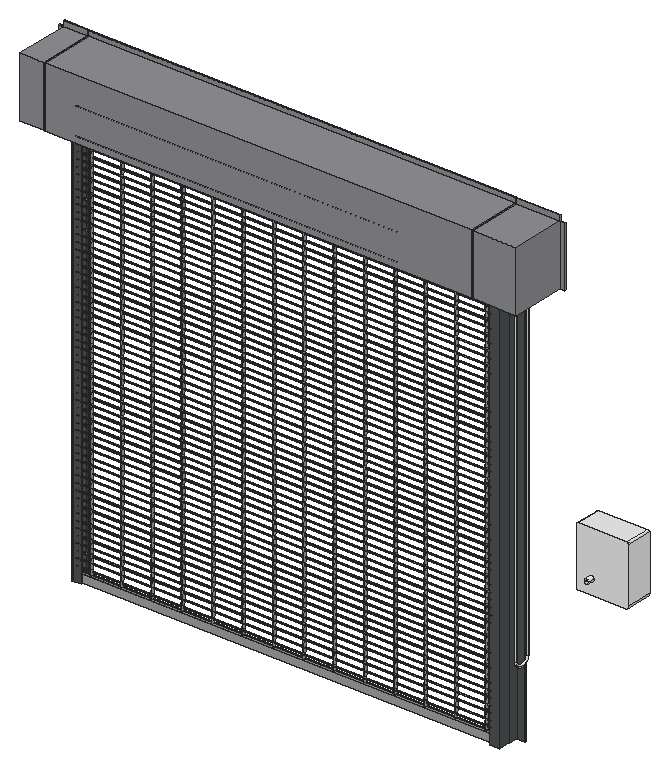
Revit family "Doors_Industrial_Overhead-Door-Corporation_RapidGrille-AP-Security-Grille-676_", category Specialty Equipment, host Wall, Revit 2019
Family settings
  Host = Wall
  Round Connector Dimension = Use Diameter
  Part Type = Normal
  OmniClass Number = 23.30.10.21.34
  OmniClass Title = Industrial Doors
  Always vertical = Yes
  Cut with Voids When Loaded = Yes
  Shared = No
  Room Calculation Point = No
Parameters (values of type "208 volts, one phase, 60 Hz (208-240V range)")
  Warning Sign [instance] = if(Calculated Area > 683.00 SF, 1 = 1, 1 = 2)  # no
  Warning (Note) [instance] = if(Warning Sign, "The Door Area is out of the limit; please adjust accordingly. The maximum allowed area is 683 sq. ft.", if(Opening Height > 360", "Headroom Clearance Dimensions - out of the limits. Consult Factory", " "))  # " "
  Wall Thickness [instance] = 6"
  Voltage = 208 V
  True Opening Width [instance] = Clear Width  # 120"
  True Opening Height [instance] = Clear Height  # 120"
  Curtain Option [instance] = 1
  Slat Length [instance] = Clear Width + G Value * 2 - 1" / 2 * 2  # 126"
  Slat Height [instance] = 8"  # constant formula
  Curtain Option Real [instance] = if(Curtain Option < 2, 1, 2)  # 1
  Product Page URL = "https://www.overheaddoor.com/security-grilles-advanced-676"
  Power Factor = 1
  Powder Coat (Note) = "PowderGuard® Premium powder coat finish options are available in approximately 200 colors as well as custom matching to specification. PowderGuard® Textured finish, a thicker, more scratch resistant coat, is available in 11 colors providing enhanced scratch resistance as well as aiding in hiding the dirt and blemishes that often occur in commercial environments.​"  # constant formula
  Opening Width Real [instance] = if(Opening Width > Max Opening Width, Max Opening Width, if(Opening Width < Min Opening Width, Min Opening Width, Opening Width))  # 120"
  Opening Width [instance] = 120"
  Opening Height Real [instance] = if(Opening Height > Max Opening Height, Max Opening Height, if(Opening Height < Min Opening Height, Min Opening Height, Opening Height))  # 120"
  Opening Height [instance] = 120"
  One Array element [instance] = not(Array Vis)  # no
  Number of Poles = 1
  Motor Position [instance] = M Value - G Value  # 2 3/4"
  Min Opening Width [instance] = 18"  # constant formula
  Min Opening Height [instance] = 24"  # constant formula
  Max Opening Width [instance] = 360"  # constant formula
  Max Opening Height [instance] = 172"  # constant formula
  M Value [instance] = if(or(Opening Width < 108", Opening Width = 108"), 5 3/4", if(or(Opening Width < 180", Opening Width = 180"), 6 1/4", if(or(Opening Width < 240", Opening Width = 240"), 7 1/4", 9 1/4")))  # 6 1/4"
  Installation Real [instance] = Wall Thickness  # 6"
  Hood Type [instance] = "Square Hood"  # constant formula
  Hood Offset [instance] = 4"  # constant formula
  Hood Material [instance] = Metal - Overhead Door - Gray
  Hood Height [instance] = A Value + 2"  # 18"
  Headroom Height Real [instance] = Hood Offset + Hood Height  # 22"
  Headroom Height [instance] = Headroom Height Real + 1 1/2"  # 23 1/2"
  Guide Type [instance] = "Angled Z Guide"  # constant formula
  Guid Depth [instance] = D Value  # 6 1/4"
  G Value [instance] = if(or(Opening Width < 108", Opening Width = 108"), 3", if(or(Opening Width < 180", Opening Width = 180"), 3 1/2", if(or(Opening Width < 240", Opening Width = 240"), 4", 5 9/16")))  # 3 1/2"
  Frequency = 60 Hz
  Face of Wall Offset [instance] = 5"  # constant formula
  Door Width True [instance] = Clear Width + M Value * 2  # 132 1/2"
  Door Width (Real) [instance] = Clear Width + 1"  # 121"
  Door Height True [instance] = Clear Width + Headroom Height  # 143 1/2"
  Door Height (Real) [instance] = Clear Height + Hood Offset  # 124"
  URL = "https://www.overheaddoor.com/"
  Product data url = "https://www.bimobject.com/overhead-door/product/security-grilles-advanced-676"
  Product Guid = "a33dfc4d-fc3d-42de-912b-54ce0f982c7d"
  Model = "676"  # constant formula
  Manufacturer = "Overhead Door Corporation"  # constant formula
  Wall Closure = By host
  Floor To (CL) of Shaft [instance] = Clear Height + Hood Height / 2 + Hood Offset  # 133"
  Finish Material = Finish - Overhead Door - Black
  Description = "RapidGrille AP Model 676 Upward-Coiling Security Grille"  # constant formula
  D Value [instance] = if(or(Opening Width < 108", Opening Width = 108"), 5 11/16", if(or(Opening Width < 180", Opening Width = 180"), 6 1/4", if(or(Opening Width < 240", Opening Width = 240"), 6 3/16", 7 1/16")))  # 6 1/4"
  Curtain Type [instance] = if(Curtain Option < 2, "Lattice", "Brick")  # "Lattice"
  Curtain Material Type [instance] = 676 : Aluminum
  Curtain Material 1 [instance] = 676 : Aluminum
  Clear Width [instance] = Opening Width Real  # 120"
  Clear Height [instance] = Opening Height Real  # 120"
  Current = 20 A
  Bottom Bar Selection [instance] = if(Curtain Material Type = Curtain Material 1, 1, 2)  # 1
  Backroom Depth [instance] = A Value + 1/2"  # 16 1/2"
  BJ Displacement Real [instance] = 0"  # constant formula
  Array Vis [instance] = if(Array < 2, 1 = 2, 1 = 1)  # yes
  Array Real [instance] = if(Array < 2, 2, Array)  # 16
  Array Length [instance] = (Array) * Slat Height  # 128"
  Array [instance] = rounddown(([Door Height (Real)] - 3") / Slat Height) + 1  # 16
  Calculated Area [instance] = [Door Width (Real)] * [Door Height (Real)]  # 104.194 SF
  Apparent Load Phase 3 = if(Number of Poles = 1, 0 VA, (Voltage * Current * sqrt(3)) / 3)  # 0 VA
  Apparent Load Phase 2 = if(Number of Poles = 1, 0 VA, (Voltage * Current * sqrt(3)) / 3)  # 0 VA
  Apparent Load Phase 1 = if(Number of Poles = 1, Voltage * Current, (Voltage * Current * sqrt(3)) / 3)  # 4160 VA
  A Value [instance] = if(or(Clear Height < 72", Clear Height = 72"), 14", if(or(Clear Height < 120", Clear Height = 120"), 16", 18"))  # 16"
Types (6): name | Voltage | Number of Poles | Apparent Load Phase 3 | Apparent Load Phase 2 | Apparent Load Phase 1
  208 volts, one phase, 60 Hz (208-240V range) | 208 V | 1 | 0 VA | 0 VA | 4160 VA
  220 volts, one phase, 60 Hz (220-240V range) | 220 V | 1 | 0 VA | 0 VA | 4400 VA
  208 volts, three phase, 60 Hz (208-240V range) | 208 V | 3 | 2401.78 VA | 2401.78 VA | 2401.78 VA
  230 volts, three phase, 60 Hz (220-240V range) | 230 V | 3 | 2655.81 VA | 2655.81 VA | 2655.81 VA
  460 volts, three phase, 60 Hz (440-480 V range) | 460 V | 3 | 5311.62 VA | 5311.62 VA | 5311.62 VA
  575 volts, three phase, 60 Hz | 575 V | 3 | 6639.53 VA | 6639.53 VA | 6639.53 VA
Reference planes (in)
  plane 1 "Center (Front/Back)": y = -14.625
  plane 2 "Center (Left/Right)": x = 0
  plane 3 "Left": x = -60
  plane 4 "Right": x = 60
  plane 5 "Exterior": y = -8.625
  plane 6 "Interior": y = -14.625
  plane 7: x = 66.25
  plane 8: x = -66.25
  plane 9: z = 120
  plane 10 "Main": y = -20.125
  plane 11 "Backroom Depth": y = -32.125
  plane 12 "Main Door Block": y = -15.625
  plane 13 "Bottom Bar": z = 2.75
  plane 14: y = -20.875
  plane 15: z = 130.75
  plane 16: z = 142
  plane 17: z = 124
  plane 18: z = 143.5
  plane 19: z = 0
  plane 20: z = 60
  plane 21: y = -20.03125
  plane 22: y = 18.375
  plane 23: y = -41.625
  plane 24 "Headroom Top": z = 143.5
  plane 25: z = 133
  plane 26: x = 63.5
  plane 27: x = -63.5
  plane 28: z = 122.75
  plane 29: z = 2.75
  plane 30: y = -20.125
  plane 31: z = 122.75
  plane 32: y = -20.125
  plane 33: z = 10.75
  plane 34: y = -20.125
  plane 35: z = 18.75
  plane 36: y = -20.125
  plane 37: z = 26.75
  plane 38: y = -20.125
  plane 39: z = 34.75
  plane 40: y = -20.125
  plane 41: z = 42.75
  plane 42: y = -20.125
  plane 43: z = 50.75
  plane 44: y = -20.125
  plane 45: z = 58.75
  plane 46: y = -20.125
  plane 47: z = 66.75
  plane 48: y = -20.125
  plane 49: z = 74.75
  plane 50: y = -20.125
  plane 51: z = 82.75
  plane 52: y = -20.125
  plane 53: z = 90.75
  plane 54: y = -20.125
  plane 55: z = 98.75
  plane 56: y = -20.125
  plane 57: z = 106.75
  plane 58: y = -20.125
  plane 59: z = 114.75
  plane 60: y = -20.125
Forms (in)
  Extrusion 1, void
    sketch origin (0, -15.625, 0) x (0, 0, -1) y (-1, 0, 0)
      loop
        line (-120, 60) -> (-120, -60) -> (0, -60) -> (0, 60) -> (-120, 60)
    from 1 to 7
Text (in)
  text "Exterior" at (-74.96733, 27.31104, 0), in view "Ref. Level"
  text "Interior" at (-74.96733, -25.14366, 0), in view "Ref. Level"
  text "Exterior" at (0, 40.15149, 123.01588), in view "Right"
  text "Interior" at (0, -64.39139, 123.01588), in view "Right"
  text "Interior" at (0, -31.01599, 123.00693), in view "Left"
  text "Exterior" at (0, 54.57065, 123.00693), in view "Left"
Dimensions and locks (in)
  equal spacing: plane 3 "Left", plane 2 "Center (Left/Right)", plane 4 "Right"
  "Clear Width": plane 3 "Left" to plane 4 "Right"
  level to host wall = 459.59655"
  "Clear Height": level to plane 9
  plane 7 to plane 8 = 132 1/2"
  equal spacing: plane 7, plane 2 "Center (Left/Right)", plane 8
  locked: plane 13 "Bottom Bar" to level at 2.75
  "Door Width True": plane 7 to plane 8
  "Array Length": plane 15 to plane 13 "Bottom Bar"
  "Backroom Depth": plane 11 "Backroom Depth" to plane 12 "Main Door Block"
  "Hood Height": plane 16 to plane 17
  locked: plane 18 to plane 16 at 1.5
  "Installation Real": plane 1 "Center (Front/Back)" to plane 5 "Exterior"
  "Wall Thickness": host wall to host wall
  equal spacing: plane 9, plane 20, plane 19
  equal spacing: plane 22, host wall, plane 23
  locked: plane 22 to plane 23 at 60
  "Hood Offset": plane 17 to plane 9
  "Headroom Height": plane 24 "Headroom Top" to plane 9
  "Floor To (CL) of Shaft": plane 25 to level
  "Motor Position": plane 7 to plane 26
  "Motor Position": plane 27 to plane 8
  "Guid Depth": plane 14 to plane 1 "Center (Front/Back)"
  "Slat Height": plane 15 to plane 28
  equal spacing: group 2, group 16, group 15, group 14, group 13, group 12, group 11, group 10, group 9, group 8, group 7, group 6, group 5, group 4, group 3, group 1  (x2)
  equal spacing: group 1, group 3, group 4, group 5, group 6, group 7, group 8, group 9, group 10, group 11, group 12, group 13, group 14, group 15, group 16, group 2
  locked: plane 14 to plane 10 "Main" at 0.75
  locked: plane 14 to plane 21 at 0.84375
  aligned and locked: plane 5 "Exterior" to host wall
  aligned and locked: host wall to plane 6 "Interior"
  aligned and locked: level to Extrusion 1 sketch curve
  aligned and locked: Extrusion 1 to plane 5 "Exterior"
  aligned and locked: plane 6 "Interior" to Extrusion 1
  aligned and locked: nested 1 to plane 2 "Center (Left/Right)"
  aligned and locked: nested 1 to level
  aligned and locked: level to plane 19
  aligned and locked: nested 1 to plane 1 "Center (Front/Back)"
  aligned and locked: plane 2 "Center (Left/Right)" to nested 2
  aligned and locked: nested 2 to plane 22
  aligned and locked: plane 23 to nested 3
  aligned and locked: nested 3 to plane 2 "Center (Left/Right)"
  aligned and locked: nested 4 to plane 20
  aligned and locked: plane 2 "Center (Left/Right)" to nested 4
  aligned and locked: nested 4 to plane 21
  aligned and locked: plane 4 "Right" to Extrusion 1 sketch curve
  aligned and locked: plane 3 "Left" to Extrusion 1 sketch curve
  aligned and locked: Extrusion 1 sketch curve to plane 9
  aligned and locked: plane 13 "Bottom Bar" to plane 29
  aligned and locked: plane 30 to plane 10 "Main"
  aligned and locked: plane 32 to plane 10 "Main"
  aligned and locked: plane 28 to plane 31
Nested families (in)
  nested 1: "Lifts" at (0, -14.625, 0), type "Frame Unit"
    with Square Hood yes, Round Hood no, Right Motor Position yes, Octagon Hood no, No Hood no
  nested 2: "Label Annotation 1" at (0, 18.375, 0), visible <- "Warning Sign", type "Label Annotation 1"
  nested 3: "Label Annotation 1" at (0, -41.625, 0) x (-1, 0, 0) z (0, 0, 1), visible <- "Warning Sign", type "Label Annotation 1"
  nested 4: "Warning Sign" at (0, -20.03125, 60), visible <- "Warning Sign", type "Warning Sign"
    with Warning Sign no
  nested 5: "676" at (0, -20.125, 2.75), type <- "Curtain Material Type", Opening Width <- "Slat Length", Slat Option <- "Curtain Option Real", type "Aluminum"
    with Step H 9", Slat Option 1, SetBack 2", Second Rod Position 1.38", Overall Height 8.38", Opening Width 126", Lattice yes, First Rod Position 1", Brick End yes, Brick no, Array Visibility yes, Array Real 13, Array Length 117.16", Array 13, 1 Element Visibility no
  nested 6: "676" at (0, -20.125, 122.75), type <- "Curtain Material Type", Opening Width <- "Slat Length", Slat Option <- "Curtain Option Real", type "Aluminum"
    with Step H 9", Slat Option 1, SetBack 2", Second Rod Position 1.38", Overall Height 8.38", Opening Width 126", Lattice yes, First Rod Position 1", Brick End yes, Brick no, Array Visibility yes, Array Real 13, Array Length 117.16", Array 13, 1 Element Visibility no
  nested 7: "676" at (0, -20.125, 10.75), type <- "Curtain Material Type", Opening Width <- "Slat Length", Slat Option <- "Curtain Option Real", type "Aluminum"
    with Step H 9", Slat Option 1, SetBack 2", Second Rod Position 1.38", Overall Height 8.38", Opening Width 126", Lattice yes, First Rod Position 1", Brick End yes, Brick no, Array Visibility yes, Array Real 13, Array Length 117.16", Array 13, 1 Element Visibility no
  nested 8: "676" at (0, -20.125, 18.75), type <- "Curtain Material Type", Opening Width <- "Slat Length", Slat Option <- "Curtain Option Real", type "Aluminum"
    with Step H 9", Slat Option 1, SetBack 2", Second Rod Position 1.38", Overall Height 8.38", Opening Width 126", Lattice yes, First Rod Position 1", Brick End yes, Brick no, Array Visibility yes, Array Real 13, Array Length 117.16", Array 13, 1 Element Visibility no
  nested 9: "676" at (0, -20.125, 26.75), type <- "Curtain Material Type", Opening Width <- "Slat Length", Slat Option <- "Curtain Option Real", type "Aluminum"
    with Step H 9", Slat Option 1, SetBack 2", Second Rod Position 1.38", Overall Height 8.38", Opening Width 126", Lattice yes, First Rod Position 1", Brick End yes, Brick no, Array Visibility yes, Array Real 13, Array Length 117.16", Array 13, 1 Element Visibility no
  nested 10: "676" at (0, -20.125, 34.75), type <- "Curtain Material Type", Opening Width <- "Slat Length", Slat Option <- "Curtain Option Real", type "Aluminum"
    with Step H 9", Slat Option 1, SetBack 2", Second Rod Position 1.38", Overall Height 8.38", Opening Width 126", Lattice yes, First Rod Position 1", Brick End yes, Brick no, Array Visibility yes, Array Real 13, Array Length 117.16", Array 13, 1 Element Visibility no
  nested 11: "676" at (0, -20.125, 42.75), type <- "Curtain Material Type", Opening Width <- "Slat Length", Slat Option <- "Curtain Option Real", type "Aluminum"
    with Step H 9", Slat Option 1, SetBack 2", Second Rod Position 1.38", Overall Height 8.38", Opening Width 126", Lattice yes, First Rod Position 1", Brick End yes, Brick no, Array Visibility yes, Array Real 13, Array Length 117.16", Array 13, 1 Element Visibility no
  nested 12: "676" at (0, -20.125, 50.75), type <- "Curtain Material Type", Opening Width <- "Slat Length", Slat Option <- "Curtain Option Real", type "Aluminum"
    with Step H 9", Slat Option 1, SetBack 2", Second Rod Position 1.38", Overall Height 8.38", Opening Width 126", Lattice yes, First Rod Position 1", Brick End yes, Brick no, Array Visibility yes, Array Real 13, Array Length 117.16", Array 13, 1 Element Visibility no
  nested 13: "676" at (0, -20.125, 58.75), type <- "Curtain Material Type", Opening Width <- "Slat Length", Slat Option <- "Curtain Option Real", type "Aluminum"
    with Step H 9", Slat Option 1, SetBack 2", Second Rod Position 1.38", Overall Height 8.38", Opening Width 126", Lattice yes, First Rod Position 1", Brick End yes, Brick no, Array Visibility yes, Array Real 13, Array Length 117.16", Array 13, 1 Element Visibility no
  nested 14: "676" at (0, -20.125, 66.75), type <- "Curtain Material Type", Opening Width <- "Slat Length", Slat Option <- "Curtain Option Real", type "Aluminum"
    with Step H 9", Slat Option 1, SetBack 2", Second Rod Position 1.38", Overall Height 8.38", Opening Width 126", Lattice yes, First Rod Position 1", Brick End yes, Brick no, Array Visibility yes, Array Real 13, Array Length 117.16", Array 13, 1 Element Visibility no
  nested 15: "676" at (0, -20.125, 74.75), type <- "Curtain Material Type", Opening Width <- "Slat Length", Slat Option <- "Curtain Option Real", type "Aluminum"
    with Step H 9", Slat Option 1, SetBack 2", Second Rod Position 1.38", Overall Height 8.38", Opening Width 126", Lattice yes, First Rod Position 1", Brick End yes, Brick no, Array Visibility yes, Array Real 13, Array Length 117.16", Array 13, 1 Element Visibility no
  nested 16: "676" at (0, -20.125, 82.75), type <- "Curtain Material Type", Opening Width <- "Slat Length", Slat Option <- "Curtain Option Real", type "Aluminum"
    with Step H 9", Slat Option 1, SetBack 2", Second Rod Position 1.38", Overall Height 8.38", Opening Width 126", Lattice yes, First Rod Position 1", Brick End yes, Brick no, Array Visibility yes, Array Real 13, Array Length 117.16", Array 13, 1 Element Visibility no
  nested 17: "676" at (0, -20.125, 90.75), type <- "Curtain Material Type", Opening Width <- "Slat Length", Slat Option <- "Curtain Option Real", type "Aluminum"
    with Step H 9", Slat Option 1, SetBack 2", Second Rod Position 1.38", Overall Height 8.38", Opening Width 126", Lattice yes, First Rod Position 1", Brick End yes, Brick no, Array Visibility yes, Array Real 13, Array Length 117.16", Array 13, 1 Element Visibility no
  nested 18: "676" at (0, -20.125, 98.75), type <- "Curtain Material Type", Opening Width <- "Slat Length", Slat Option <- "Curtain Option Real", type "Aluminum"
    with Step H 9", Slat Option 1, SetBack 2", Second Rod Position 1.38", Overall Height 8.38", Opening Width 126", Lattice yes, First Rod Position 1", Brick End yes, Brick no, Array Visibility yes, Array Real 13, Array Length 117.16", Array 13, 1 Element Visibility no
  nested 19: "676" at (0, -20.125, 106.75), type <- "Curtain Material Type", Opening Width <- "Slat Length", Slat Option <- "Curtain Option Real", type "Aluminum"
    with Step H 9", Slat Option 1, SetBack 2", Second Rod Position 1.38", Overall Height 8.38", Opening Width 126", Lattice yes, First Rod Position 1", Brick End yes, Brick no, Array Visibility yes, Array Real 13, Array Length 117.16", Array 13, 1 Element Visibility no
  nested 20: "676" at (0, -20.125, 114.75), type <- "Curtain Material Type", Opening Width <- "Slat Length", Slat Option <- "Curtain Option Real", type "Aluminum"
    with Step H 9", Slat Option 1, SetBack 2", Second Rod Position 1.38", Overall Height 8.38", Opening Width 126", Lattice yes, First Rod Position 1", Brick End yes, Brick no, Array Visibility yes, Array Real 13, Array Length 117.16", Array 13, 1 Element Visibility no
Connectors (in)
  electrical at (94.92963, -22.165, 60.07037), driven by "Voltage", driven by "Apparent Load Phase 1", driven by "Apparent Load Phase 2", driven by "Apparent Load Phase 3", driven by "Power Factor", driven by "Number of Poles"
    settings: on nested 1, index 1, voltage 208 V, apparent load 0 VA, apparent load phase1 4160 VA, apparent load phase2 0 VA, apparent load phase3 0 VA, power factor 1, load classification "Other", number of poles 1, system type 31, power factor state 1, is connector primary yes, connector utility no, sub classification motor no, connector description "Electrical Connector"
Definition of nested family "Lifts"
  Parameters (values of type "Frame Unit")
    True Width = if(Between Jambs, Opening Width, Opening Width + 1/2")  # 120 1/2"
    Square Hood [instance] = if(Hood Option = 2, 1 = 1, 1 = 2)  # yes
    Slat Material2 = none
    Slat Material1 = none
    Slat 2 = not(Slat 1)  # no
    Slat 1 = BB V = 1  # yes
    Round Hood [instance] = if(Hood Option > 3, 1 = 1, 1 = 2)  # no
    Rough Width = 0"
    Rough Height = 0"
    Right Motor Position [instance] = yes
    Octagon Hood [instance] = if(Hood Option = 3, 1 = 1, 1 = 2)  # no
    No Hood [instance] = if(Hood Option < 2, 1 = 1, 1 = 2)  # no
    M Value = 6 1/4"
    Hood Type = if(Hood Option < 2, "No Hood", if(Hood Option = 2, "Square Hood", if(Hood Option = 3, "Octagon Hood", "Round Hood")))  # "Square Hood"
    Hood Option = 2
    Hood Offset = 4"
    Hood Height = Headroom Height Real - Hood Offset  # 18"
    Headroom Height Real = Headroom Height  # 22"
    Half Hood Height = Headroom Height - Hood Offset  # 18"
    G Value = 3 1/2"
    E Guide Width = if(Between Jambs, Guide Offset - G Value + BJ Connection Length - BJ Displacement * 2 / 3, 3")  # 3"
    E Guide Height = 3"  # constant formula
    Z Guide = 1 = 1  # yes
    Shaft Offset = if(Hood Height < Header Width, (Header Width - (Header Width - Hood Height)) / 2, Header Width / 2)  # 8 1/4"
    Shaft Length 2 = 18"  # constant formula
    Shaft Length 1 = 12"  # constant formula
    Setback = if(Between Jambs, 0", 1/2")  # 1/2"
    Opening Width = 120"
    Hood Material = none
    Headroom Height = 22"
    Header Width = 16 1/2"
    Opening Height = 120"
    Guide Type = if(Between Jambs, "Angled Between Jambs Z Guide", if(Guide Option > 1, "Angled Z Guide", "Angled E Guide"))  # "Angled Z Guide"
    Guide Option = if(Between Jambs, 1, 2)  # 2
    Guide Offset = BJ Displacement + G Value  # 3 1/2"
    Guide Z Wide = if(Between Jambs, Guide Offset - G Value + BJ Connection Length - BJ Displacement * 2 / 3, M Value - G Value)  # 2 3/4"
    Guide Z Height = 3"  # constant formula
    Floor To (CL) of Shaft = 133"
    Finish Material = none
    Face to Wall Mount = not(Between Jambs)  # yes
    E Guide = if(Between Jambs, 1 = 1, 1 = 2)  # no
    D Value = 6 1/4"
    Chain offset = if(Opening Height < 35", Opening Height - 5", 30")  # 30"
    Between Jambs = no
    BJ Position = if(Between Jambs, 1/4", 0")  # 0"
    BJ Displacement = 0"
    BJ Connection Length = 1 / 3 * BJ Displacement  # 0"
    BB V = 1
    Angled Guide = 1 = 1  # yes
    Aditional Elements Material = none
    1 = 15 1/2"  # constant formula
  Reference planes (in)
    plane 1 "Center (Front/Back)": y = 0
    plane 2: z = 0
    plane 3 "Center (Left/Right)": x = 0
    plane 4 "Opening Height": z = 120
    plane 5: x = -72
    plane 6: x = 78
    plane 7: z = 142
    plane 8: y = 16.5
    plane 9 "Real Opening 2": x = -60
    plane 10 "Real Opening 1": x = 60
    plane 11: z = 124
    plane 12 "Main": y = 0
    plane 13: z = 133
    plane 14: x = 63.5
    plane 15: x = -63.5
    plane 16: x = -63.5
    plane 17: x = 63.5
    plane 18: y = 6.25
    plane 19: x = -63.25
    plane 20: x = 63.25
    plane 21: z = 143.5
    plane 22: y = 6.25
    plane 23: y = 5.125
    plane 24: y = 6.25
    plane 25: y = 5.125
    plane 26: y = 0.25
    plane 27: z = 124
    plane 28: z = 30
    plane 29: z = 0
    plane 30: x = 74
    plane 31: x = 95
    plane 32: z = 60
    plane 33: y = 7.54
    plane 34: x = 76.25
    plane 35: x = -70.25
    plane 36: y = 6.25
    plane 37: y = 5.125
    plane 38: y = 6.25
    plane 39: y = 5.125
  Forms (in)
    Extrusion 1, solid, material <- "Slat Material1", visible <- "Slat 1"
      sketch origin (0, 0, 0) x (0, 1, 0) y (0, 0, 1)
        loop
          line (5.4375, 2.375) -> (5.4375, 2.75) -> (4.8125, 2.75) -> (4.8125, 2.375) -> (5.4375, 2.375)
      from -63.25 to 63.25
    Extrusion 2, solid, material <- "Slat Material1", visible <- "Slat 1"
      sketch origin (0, 0, 0) x (0, 1, 0) y (0, 0, 1)
        loop
          line (5.4375, 2.375) -> (4.8125, 2.375) -> (4.8125, 0) -> (5.4375, 0) -> (5.4375, 2.375)
      from -63.25 to 63.25
    Extrusion 3, solid, material <- "Aditional Elements Material"
      sketch origin (0, -5.35201, 0) x (0, 1, 0) y (0, 0, 1)
        loop
          circle (13.60201, 133) r 0.6
      from -70.25 to 76.25
    Extrusion 4, solid, material <- "Hood Material", visible <- "Square Hood"
      sketch origin (0, 0, 0) x (0, 1, 0) y (0, 0, 1)
        loop
          line (0, 124) -> (16.5, 124) -> (16.5, 143.5) -> (0, 143.5) -> (0, 124)
      from -63.25 to 63.25
    Extrusion 5, solid, material <- "Finish Material", visible <- "E Guide"
      sketch origin (0, 0, 0) x (1, 0, 0) y (0, 1, 0)
        loop
          line (60.5, 0) -> (63.5, 0) -> (63.5, 3) -> (63.4375, 3)
          arc (63.4375, 3) -> (63.30492, 2.94508) -> (63.25, 2.8125) r 0.1875
          line (63.25, 2.8125) -> (63.25, 0.25) -> (60.6875, 0.25)
          arc (60.6875, 0.25) -> (60.55492, 0.19508) -> (60.5, 0.0625) r 0.1875
          line (60.5, 0.0625) -> (60.5, 0)
        loop
          line (-60.5, 0) -> (-60.5, 0.0625)
          arc (-60.5, 0.0625) -> (-60.55492, 0.19508) -> (-60.6875, 0.25) r 0.1875
          line (-60.6875, 0.25) -> (-63.25, 0.25) -> (-63.25, 2.8125)
          arc (-63.25, 2.8125) -> (-63.30492, 2.94508) -> (-63.4375, 3) r 0.1875
          line (-63.4375, 3) -> (-63.5, 3) -> (-63.5, 0) -> (-60.5, 0)
      from 0 to 124
    Extrusion 6, solid, material <- "Finish Material", visible <- "Z Guide"
      sketch origin (0, 0, 0) x (1, 0, 0) y (0, 1, 0)
        loop
          line (66.25, 0) -> (66.25, 0.062)
          arc (66.25, 0.062) -> (66.19494, 0.19494) -> (66.062, 0.25) r 0.188
          line (66.062, 0.25) -> (63.75, 0.25) -> (63.75, 2.812)
          arc (63.75, 2.812) -> (63.69494, 2.94494) -> (63.562, 3) r 0.188
          line (63.562, 3) -> (63.5, 3) -> (63.5, 0) -> (66.25, 0)
        loop
          line (-66.25, 0) -> (-63.5, 0) -> (-63.5, 3) -> (-63.562, 3)
          arc (-63.562, 3) -> (-63.69494, 2.94494) -> (-63.75, 2.812) r 0.188
          line (-63.75, 2.812) -> (-63.75, 0.25) -> (-66.062, 0.25)
          arc (-66.062, 0.25) -> (-66.19494, 0.19494) -> (-66.25, 0.062) r 0.188
          line (-66.25, 0.062) -> (-66.25, 0)
      from 0 to 124
    Extrusion 7, solid, material <- "Finish Material", visible <- "Angled Guide"
      sketch origin (0, 0, 0) x (1, 0, 0) y (0, 1, 0)
        loop
          line (60.5, 6.25) -> (60.5, 6.187)
          arc (60.5, 6.187) -> (60.55477, 6.05477) -> (60.687, 6) r 0.187
          line (60.687, 6) -> (63.25, 6) -> (63.25, 4.25) -> (60.5, 4.25) -> (60.5, 4.187)
          arc (60.5, 4.187) -> (60.55477, 4.05477) -> (60.687, 4) r 0.187
          line (60.687, 4) -> (63, 4) -> (63, 2.3125) -> (63.25, 2.3125) -> (63.25, 2) -> (63.5, 2) -> (63.5, 6.25) -> (60.5, 6.25)
        loop
          line (-60.5, 6.25) -> (-63.5, 6.25) -> (-63.5, 2) -> (-63.25, 2) -> (-63.25, 2.3125) -> (-63, 2.3125) -> (-63, 4) -> (-60.687, 4)
          arc (-60.687, 4) -> (-60.55477, 4.05477) -> (-60.5, 4.187) r 0.187
          line (-60.5, 4.187) -> (-60.5, 4.25) -> (-63.25, 4.25) -> (-63.25, 6) -> (-60.687, 6)
          arc (-60.687, 6) -> (-60.55477, 6.05477) -> (-60.5, 6.187) r 0.187
          line (-60.5, 6.187) -> (-60.5, 6.25)
      from 0 to 124
    Extrusion 8, solid, material <- "Hood Material"
      sketch origin (0, 0, 0) x (-1, 0, 0) y (0, 0, 1)
        loop
          line (63.25, 124) -> (63.5, 124) -> (63.5, 142) -> (63.25, 142) -> (63.25, 124)
        loop
          line (-63.5, 124) -> (-63.25, 124) -> (-63.25, 142) -> (-63.5, 142) -> (-63.5, 124)
      from 0 to 16.5
    Extrusion 9, solid, material <- "Hood Material"
      sketch origin (0, 0, 0) x (1, 0, 0) y (0, 1, 0)
        loop
          line (-72, 0) -> (-63.5, 0) -> (-63.5, 16.5) -> (-72, 16.5) -> (-72, 0)
        loop
          line (78, 0) -> (78, 16.5) -> (63.5, 16.5) -> (63.5, 0) -> (78, 0)
      from 124 to 143.5
    Extrusion 10, void
      sketch origin (0, 0, 0) x (1, 0, 0) y (0, 0, 1)
        loop
          line (-72, 143.5) -> (-72, 124) -> (-70.5, 124) -> (-70.5, 142) -> (76.5, 142) -> (76.5, 120) -> (78, 120) -> (78, 143.5) -> (-72, 143.5)
      from -0.25 to -16.5
    Extrusion 11, void
      sketch origin (0, 0, 0) x (1, 0, 0) y (0, 0, 1)
        loop
          line (-72, 142) -> (-70.5, 142) -> (-70.5, 143.5) -> (-72, 143.5) -> (-72, 142)
        loop
          line (78, 142) -> (78, 143.5) -> (76.5, 143.5) -> (76.5, 142) -> (78, 142)
      from 0 to -0.25
    Sweep 12, solid, material <- "Aditional Elements Material"
      path origin (74, -12.75, 1000) x (0, -1, 0) y (0, 0, 1)
        loop
          line (-26.53866, -876) -> (-26.53866, -970)
          arc (-26.53866, -970) -> (-24.10116, -972.4375) -> (-21.66366, -970) r 2.4375
          line (-21.66366, -970) -> (-21.66366, -876)
      profile origin (74, 13.78866, 77) x (-1, 0, 0) y (0, -1, 0)
        loop
          circle (0, 0.2675) r 0.2675
    Extrusion 13, solid, material <- "Aditional Elements Material"
      sketch origin (95, 0, 60) x (1, 0, 0) y (0, 0, 1)
        loop
          line (7.25, 8.90625) -> (-7.25, 8.90625)
          arc (-7.25, 8.90625) -> (-7.60355, 8.7598) -> (-7.75, 8.40625) r 0.5
          line (-7.75, 8.40625) -> (-7.75, -8.40625)
          arc (-7.75, -8.40625) -> (-7.60355, -8.7598) -> (-7.25, -8.90625) r 0.5
          line (-7.25, -8.90625) -> (6.68702, -8.90625)
          arc (6.68702, -8.90625) -> (7.43866, -8.59491) -> (7.75, -7.84327) r 1.06298
          line (7.75, -7.84327) -> (7.75, 8.40625)
          arc (7.75, 8.40625) -> (7.60355, 8.7598) -> (7.25, 8.90625) r 0.5
      from 0 to -7.54
    Revolve 14, solid, material <- "Aditional Elements Material", visible <- "Right Motor Position"
      sketch origin (95, 0, 55.5) x (0, -1, 0) y (1, 0, 0)
        loop
          line (-7.54, -3.41542) -> (-7.54, -2.66542) -> (-9.312, -2.81542) -> (-9.312, -3.41542) -> (-7.54, -3.41542)
        axis (-7.54, -3.41542) -> (-9.312, -3.41542)
      angle from 0 to 360
    Extrusion 15, solid, material <- "Slat Material2", visible <- "Slat 2"
      sketch origin (0, 6.25, 0) x (0, 1, 0) y (0, 0, 1)
        loop
          line (-0.8125, 2.375) -> (-0.8125, 2.75) -> (-1.4375, 2.75) -> (-1.4375, 2.375) -> (-0.8125, 2.375)
      from -63.25 to 63.25
    Extrusion 16, solid, material <- "Slat Material2", visible <- "Slat 2"
      sketch origin (0, 6.25, 0) x (0, 1, 0) y (0, 0, 1)
        loop
          line (-0.8125, 2.375) -> (-1.4375, 2.375) -> (-1.4375, 0) -> (-0.8125, 0) -> (-0.8125, 2.375)
      from -63.25 to 63.25
  Cuts and joins
    Extrusion 10, Extrusion 11 cuts Extrusion 9
    Extrusion 10 cuts Extrusion 4
  Lines and regions (in)
    Masking region 1
      outline origin (0, 0, 0) x (1, 0, 0) y (0, 1, 0)
        loop
          line (-63.5, 16.5) -> (-63.5, 0) -> (63.5, 0) -> (63.5, 16.5) -> (-63.5, 16.5)
    Masking region 2
      outline origin (0, 0, 0) x (1, 0, 0) y (0, 1, 0)
        loop
          line (63.5, 0) -> (78, 0) -> (78, 0.25) -> (76.5, 0.25) -> (76.5, 16.5) -> (63.5, 16.5) -> (63.5, 0)
        loop
          line (-63.5, 0) -> (-63.5, 16.5) -> (-70.5, 16.5) -> (-70.5, 0.25) -> (-72, 0.25) -> (-72, 0) -> (-63.5, 0)
    Masking region 3
      outline origin (0, 0, 0) x (1, 0, 0) y (0, 1, 0)
        loop
          line (87.25, 7.54) -> (87.25, 0) -> (102.75, 0) -> (102.75, 7.54) -> (87.25, 7.54)
    Masking region 4
      outline origin (91.64, 2.54, 60) x (0, -1, 0) y (1, 0, 0)
        loop
          line (-6.772, 0.54458) -> (-6.772, -0.65542) -> (-5, -0.80542) -> (-5, 0.69458) -> (-6.772, 0.54458)
    symbolic lines
      curve 1: line (-63.25, 0, 0) -> (-63.25, 16.5, 0)
      curve 2: line (63.25, 16.5, 0) -> (63.25, 0, 0)
      curve 4: line (-72, 0.25, 0) -> (78, 0.25, 0)
    symbolic lines, visible <- "Octagon Hood"
      curve 3: line (-63.25, 12.69239, 0) -> (63.25, 12.69239, 0)
    reference lines
      curve 5: line (95, 0, 60) -> (104, 0, 60)
      curve 6: line (95, 0, 55.5) -> (100.75, 0, 55.5)
  Dimensions and locks (in)
    Extrusion 1 sketch curve to level = 2 3/8"
    locked: Extrusion 1 sketch curve to Extrusion 1 sketch curve at 0.625
    locked: Extrusion 2 sketch curve to level at 2.375
    "Headroom Height Real": plane 7 to plane 4 "Opening Height"
    plane 8 to plane 1 "Center (Front/Back)" = 16 1/2"
    "Opening Height": plane 4 "Opening Height" to level
    "Hood Offset": plane 11 to plane 4 "Opening Height"
    "BJ Position": plane 12 "Main" to plane 1 "Center (Front/Back)"
    "Header Width": plane 12 "Main" to plane 8
    "Floor To (CL) of Shaft": plane 13 to level
    "Shaft Offset": Extrusion 3 sketch curve to plane 8
    locked: Extrusion 2 sketch curve to Extrusion 2 sketch curve at 0.625
    "Guide Offset": plane 10 "Real Opening 1" to plane 14
    "Guide Offset": plane 15 to plane 9 "Real Opening 2"
    locked: Extrusion 5 sketch curve to Extrusion 5 sketch curve at 0.25  (x4)
    "E Guide Height": Extrusion 5 sketch curve to Extrusion 5 sketch curve  (x2)
    "E Guide Width": Extrusion 5 sketch curve to Extrusion 5 sketch curve  (x2)
    locked: Extrusion 6 sketch curve to Extrusion 6 sketch curve at 0.25  (x4)
    "Guide Z Wide": Extrusion 6 sketch curve to Extrusion 6 sketch curve  (x2)
    "Guide Z Height": Extrusion 6 sketch curve to Extrusion 6 sketch curve  (x2)
    locked: Extrusion 7 sketch curve to Extrusion 7 sketch curve at 0.25  (x8)
    locked: Extrusion 7 sketch curve to Extrusion 7 sketch curve at 2.25  (x2)
    locked: Extrusion 7 sketch curve to Extrusion 7 sketch curve at 4.25  (x2)
    locked: Extrusion 7 sketch curve to Extrusion 7 sketch curve at 0.3125  (x2)
    "Setback": plane 10 "Real Opening 1" to Extrusion 7 sketch curve
    "Setback": Extrusion 7 sketch curve to plane 9 "Real Opening 2"
    equal spacing: plane 15, plane 3 "Center (Left/Right)", plane 14
    "G Value": Extrusion 6 sketch curve to plane 9 "Real Opening 2"
    "G Value": plane 10 "Real Opening 1" to Extrusion 6 sketch curve
    "G Value": plane 10 "Real Opening 1" to plane 17
    "G Value": plane 16 to plane 9 "Real Opening 2"
    "Shaft Length 1": plane 5 to plane 9 "Real Opening 2"
    "Shaft Length 2": plane 6 to plane 10 "Real Opening 1"
    locked: Extrusion 2 to plane 17 at 0.25
    locked: Extrusion 2 to plane 16 at 0.25
    locked: plane 16 to plane 19 at 0.25
    locked: plane 20 to plane 17 at 0.25
    equal spacing: plane 9 "Real Opening 2", plane 3 "Center (Left/Right)", plane 10 "Real Opening 1"
    "Opening Width": plane 9 "Real Opening 2" to plane 10 "Real Opening 1"
    locked: plane 21 to plane 7 at 1.5
    "D Value": plane 1 "Center (Front/Back)" to plane 18
    "D Value": plane 22 to plane 1 "Center (Front/Back)"
    locked: plane 22 to plane 23 at 1.125
    equal spacing: Extrusion 1 sketch curve, plane 23, Extrusion 1 sketch curve
    "D Value": plane 24 to plane 1 "Center (Front/Back)"
    locked: plane 24 to plane 25 at 1.125
    equal spacing: Extrusion 2 sketch curve, plane 25, Extrusion 2 sketch curve
    "G Value": plane 10 "Real Opening 1" to Extrusion 7 sketch curve
    "G Value": Extrusion 7 sketch curve to plane 9 "Real Opening 2"
    locked: Extrusion 10 sketch curve to Extrusion 10 sketch curve at 1.5  (x2)
    locked: plane 26 to plane 12 "Main" at 0.25
    locked: Extrusion 11 sketch curve to Extrusion 11 sketch curve at 1.5  (x2)
    "Chain offset": plane 28 to plane 29
    locked: plane 30 to plane 6 at 4
    locked: plane 20 to plane 31 at 31.75
    locked: plane 32 to level at 60
    locked: curve 5 to curve 5 at 9
    equal spacing: Masking region 3 sketch curve, plane 31, Masking region 3 sketch curve
    locked: Revolve 14 sketch curve to Revolve 14 sketch curve at 0.6
    locked: Revolve 14 sketch curve to Revolve 14 sketch curve at 0.75
    locked: plane 33 to Revolve 14 sketch curve at 1.772
    locked: Masking region 3 sketch curve to Masking region 3 sketch curve at 7.54
    locked: curve 5 to curve 6 at 4.5
    locked: curve 6 to curve 6 at 5.75
    locked: Masking region 3 sketch curve to plane 31 at 7.75
    locked: plane 34 to plane 6 at 1.75
    locked: plane 5 to plane 35 at 1.75
    locked: Extrusion 15 sketch curve to Extrusion 15 sketch curve at 0.625
    locked: Extrusion 16 sketch curve to Extrusion 16 sketch curve at 0.625
    locked: plane 36 to plane 37 at 1.125
    equal spacing: Extrusion 15 sketch curve, plane 37, Extrusion 15 sketch curve
    locked: plane 38 to plane 39 at 1.125
    equal spacing: Extrusion 16 sketch curve, plane 39, Extrusion 16 sketch curve
    locked: Extrusion 16 sketch curve to level at 2.375
    "D Value": plane 12 "Main" to plane 38
    locked: Extrusion 15 sketch curve to Extrusion 15 sketch curve at 0.375
    locked: Extrusion 15 sketch curve to level at 2.375
    "D Value": plane 12 "Main" to plane 36
    radius of Extrusion 5 sketch curve = 3/16"  (x4)
    radius of Extrusion 6 sketch curve = 0.188"  (x4)
    locked: Extrusion 7 sketch curve to Extrusion 7 sketch curve (radius 0.187")  (x4)
    aligned and locked: plane 2 to level
    aligned and locked: Extrusion 4 sketch curve to plane 8
    aligned and locked: plane 13 to Extrusion 3 sketch curve
    aligned and locked: plane 12 "Main" to Extrusion 5 sketch curve  (x2)
    aligned and locked: Extrusion 5 sketch curve to plane 14
    aligned and locked: plane 15 to Extrusion 5 sketch curve
    aligned and locked: Extrusion 6 sketch curve to plane 1 "Center (Front/Back)"  (x2)
    aligned and locked: Extrusion 7 sketch curve to Extrusion 7 sketch curve  (x4)
    aligned and locked: plane 18 to Extrusion 7 sketch curve
    aligned and locked: Extrusion 7 sketch curve to plane 18
    aligned and locked: plane 12 "Main" to Extrusion 4 sketch curve
    aligned and locked: Extrusion 8 sketch curve to plane 11  (x2)
    aligned and locked: Extrusion 8 sketch curve to plane 7  (x2)
    aligned and locked: plane 16 to Extrusion 8 sketch curve
    aligned and locked: Extrusion 8 sketch curve to plane 17
    aligned and locked: Masking region 1 sketch curve to Extrusion 4
    aligned and locked: Masking region 1 to curve 2  (x2)
    aligned and locked: Masking region 1 to curve 1  (x2)
    aligned and locked: Extrusion 2 to Extrusion 1
    aligned and locked: Extrusion 1 to Extrusion 2
    aligned and locked: Masking region 1 to plane 16
    aligned and locked: Masking region 1 to plane 17
    aligned and locked: plane 19 to Extrusion 8 sketch curve
    aligned and locked: plane 20 to Extrusion 8 sketch curve
    aligned and locked: plane 19 to Extrusion 4
    aligned and locked: Extrusion 4 to plane 20
    aligned and locked: plane 8 to Extrusion 8
    aligned and locked: plane 19 to curve 3
    aligned and locked: plane 20 to curve 3
    aligned and locked: Extrusion 4 sketch curve to plane 11
    aligned and locked: Extrusion 6 to plane 11
    aligned and locked: plane 11 to Extrusion 5
    aligned and locked: plane 11 to Extrusion 7
    aligned and locked: Extrusion 9 sketch curve to plane 5
    aligned and locked: plane 16 to Extrusion 9 sketch curve
    aligned and locked: plane 1 "Center (Front/Back)" to Extrusion 9 sketch curve
    aligned and locked: Extrusion 9 sketch curve to plane 8  (x2)
    aligned and locked: Extrusion 9 sketch curve to plane 6
    aligned and locked: Extrusion 9 sketch curve to plane 14
    aligned and locked: Extrusion 9 sketch curve to plane 1 "Center (Front/Back)"
    aligned and locked: Extrusion 9 to plane 11
    aligned and locked: Extrusion 9 to plane 21
    aligned and locked: Extrusion 10 sketch curve to plane 21
    aligned and locked: Extrusion 10 sketch curve to plane 7
    aligned and locked: Extrusion 10 sketch curve to plane 5
    aligned and locked: Extrusion 10 sketch curve to plane 6
    aligned and locked: Extrusion 10 sketch curve to plane 11
    aligned and locked: Extrusion 10 sketch curve to plane 4 "Opening Height"
    aligned and locked: Extrusion 10 to plane 8
    aligned and locked: Extrusion 10 to plane 26
    aligned and locked: Extrusion 4 sketch curve to plane 21
    aligned and locked: Extrusion 11 sketch curve to plane 5
    aligned and locked: Extrusion 11 sketch curve to plane 6
    aligned and locked: Extrusion 11 sketch curve to plane 7
    aligned and locked: Extrusion 11 sketch curve to plane 21
    aligned and locked: plane 21 to Extrusion 11 sketch curve
    aligned and locked: plane 7 to Extrusion 11 sketch curve
    aligned and locked: plane 26 to Extrusion 11
    aligned and locked: Extrusion 11 to plane 1 "Center (Front/Back)"
    aligned and locked: Masking region 2 sketch curve to plane 14
    aligned and locked: Masking region 2 sketch curve to cut or joined group of Extrusion 9, Extrusion 10, Extrusion 11  (x5)
    aligned and locked: cut or joined group of Extrusion 9, Extrusion 10, Extrusion 11 to Masking region 2 sketch curve
    aligned and locked: Masking region 2 sketch curve to plane 6
    aligned and locked: plane 16 to Masking region 2 sketch curve
    aligned and locked: Masking region 2 sketch curve to plane 26
    aligned and locked: Masking region 2 sketch curve to plane 5
    aligned and locked: plane 1 "Center (Front/Back)" to Masking region 2 sketch curve
    aligned and locked: curve 4 to plane 26
    aligned and locked: plane 6 to curve 4
    aligned and locked: plane 5 to curve 4
    aligned and locked: plane 27 to Sweep 12 sketch curve  (x2)
    aligned and locked: plane 28 to Sweep 12 sketch curve  (x2)
    aligned and locked: plane 11 to plane 27
    aligned and locked: level to plane 29
    aligned and locked: plane 31 to curve 5
    aligned and locked: curve 5 to plane 32
    aligned and locked: Revolve 14 sketch curve to Revolve 14 sketch curve
    aligned and locked: Revolve 14 sketch curve to plane 33
    aligned and locked: Masking region 4 sketch curve to Revolve 14  (x2)
    aligned and locked: Masking region 3 sketch curve to plane 1 "Center (Front/Back)"
    aligned and locked: plane 31 to curve 6
    aligned and locked: Extrusion 3 to plane 34
    aligned and locked: plane 35 to Extrusion 3
    aligned and locked: Extrusion 16 to Extrusion 15
    aligned and locked: Extrusion 15 to Extrusion 16
    aligned and locked: level to Extrusion 16 sketch curve
    aligned and locked: plane 19 to Extrusion 16
    aligned and locked: Extrusion 16 to plane 20
  Automatic sketch dimensions
    curve 3 to curve 2 = 3.80761"
    Masking region 1 sketch curve to plane 1 "Center (Front/Back)" = 0"
    Masking region 1 sketch curve to plane 15 = 0"
    Masking region 1 sketch curve to plane 14 = 0"
    Sweep 12 sketch curve to plane 8 = 2.71134"
    Sweep 12 sketch curve to Sweep 12 sketch curve = 2 7/16"
    Sweep 12 sketch curve to profile plane = 0"
    Sweep 12 sketch curve to profile plane = 0.2675"
    Extrusion 13 sketch curve to curve 5 = 7 3/4"
    Extrusion 13 sketch curve to Extrusion 13 sketch curve = 1/2"  (x3)
    Extrusion 13 sketch curve to curve 5 = 2.31298"
    Extrusion 13 sketch curve to curve 5 = 1 3/4"
    Extrusion 13 sketch curve to curve 5 = 8 29/32"
    curve 5 to Extrusion 13 sketch curve = 8 13/32"
    Revolve 14 sketch curve to curve 6 = 3.41542"
    Revolve 14 sketch curve to curve 6 = 18.88505"
    Revolve 14 sketch curve to curve 6 = 3.07036"
    Masking region 4 sketch curve to curve 5 = 4.16542"
    Masking region 4 sketch curve to Masking region 4 sketch curve = 0.15"
    Masking region 4 sketch curve to Masking region 4 sketch curve = 1.2"
    Masking region 4 sketch curve to Masking region 4 sketch curve = 1 1/2"
    Extrusion 1 sketch curve to Extrusion 1 sketch curve = 3/8"
    Extrusion 2 sketch curve to level = 0"
    radius of Extrusion 3 sketch curve = 0.6"
    radius of Sweep 12 sketch curve = 0.2675"
Definition of nested family "676"
  Parameters (values of type "Stainless Steel")
    Step H [instance] = 9"  # constant formula
    Slat Width = 3/4"  # constant formula
    Slat Option [instance] = 1
    SetBack [instance] = 2"  # constant formula
    Second Rod Position [instance] = if(Lattice, 1.38", if(Brick, 2.38", 3.38"))  # 1.38"
    Panel Material = none
    Overall Height [instance] = if(Lattice, 8.38", if(Brick, 8.38", 12.38"))  # 8.38"
    Opening Width [instance] = 124"
    Lattice [instance] = if(Slat Option < 2, 1 = 1, 1 = 2)  # yes
    First Rod Position [instance] = if(Lattice, 1", 0")  # 1"
    Default Elevation = 48"
    Brick End [instance] = if(Brick, 1 = 2, 1 = 1)  # yes
    Brick [instance] = not(Lattice)  # no
    Array Visibility [instance] = if(Array < 2, 1 = 2, 1 = 1)  # yes
    Array Real [instance] = if(Array < 2, 2, Array)  # 12
    Array Length [instance] = (Array) * Step H + 0.16"  # 108.16"
    Array [instance] = rounddown((Opening Width) / Step H) - 1  # 12
    Analytic Construction = "<None>"
    1 Element Visibility [instance] = not(Array Visibility)  # no
  Types (2): name
    Stainless Steel
    Galvanized Steel
  Reference planes (in)
    plane 1 "Center (Front/Back)": y = 0
    plane 2: z = 0
    plane 3 "Center (Left/Right)": x = 0
    plane 4: x = -62
    plane 5: x = 62
    plane 6: y = 0.75
    plane 7: y = 0
    plane 8: z = 0
    plane 9: z = 1
    plane 10: y = 0.375
    plane 11 "Left": x = -54.08
    plane 12: x = -64
    plane 13: x = 64
    plane 14: z = 8.38
    plane 15: x = 54.08
    plane 16: x = 45.08
    plane 17: z = 7
    plane 18: x = 36.08
  Forms (in)
    Extrusion 1, solid, material <- "Panel Material"
      sketch origin (0, -4.98186, 2) x (0, 1, 0) y (0, 0, 1)
        loop
          circle (5.35686, -1) r 0.15625
        loop
          circle (5.35686, 1) r 0.16
      from -62 to 62
    Extrusion 2, solid, material <- "Panel Material"
      sketch origin (0, -4.98186, 2) x (0, 1, 0) y (0, 0, 1)
        loop
          circle (5.35686, 5) r 0.15625
        loop
          circle (5.35686, 3) r 0.16
      from -62 to 62
  Dimensions and locks (in)
    equal spacing: plane 4, plane 3 "Center (Left/Right)", plane 5
    "Opening Width": plane 4 to plane 5
    "Slat Width": plane 1 "Center (Front/Back)" to plane 6
    "First Rod Position": plane 9 to level
    equal spacing: plane 1 "Center (Front/Back)", plane 10, plane 6
    locked: plane 12 to plane 4 at 2
    locked: plane 13 to plane 5 at 2
    "Overall Height": plane 14 to level
    equal spacing: plane 11 "Left", plane 3 "Center (Left/Right)", plane 15
    "Array Length": plane 11 "Left" to plane 15
    "Step H": plane 16 to plane 15
    "Second Rod Position": plane 14 to plane 17
    "Step H": plane 18 to plane 16
    equal spacing: group 12, group 11, group 10, group 9, group 8, group 7, group 6, group 5, group 4, group 3, group 2, group 1
    equal spacing: group 1, group 2, group 3, group 4, group 5, group 6, group 7, group 8, group 9, group 10, group 11, group 12  (x2)
    "SetBack": plane 17 to Extrusion 2 sketch curve
    "SetBack": Extrusion 1 sketch curve to Extrusion 1 sketch curve
    radius of Extrusion 1 sketch curve = 5/32"
    radius of Extrusion 2 sketch curve = 5/32"
    radius of Extrusion 2 sketch curve = 0.16"
    radius of Extrusion 1 sketch curve = 0.16"
    aligned and locked: plane 2 to level
    aligned and locked: plane 1 "Center (Front/Back)" to plane 7
    aligned and locked: level to plane 8
    aligned and locked: plane 4 to Extrusion 1
    aligned and locked: plane 5 to Extrusion 1
    aligned and locked: plane 10 to Extrusion 1 sketch curve
    aligned and locked: plane 17 to Extrusion 2 sketch curve
    aligned and locked: plane 10 to Extrusion 2 sketch curve
    aligned and locked: plane 5 to Extrusion 2
    aligned and locked: plane 4 to Extrusion 2
    aligned and locked: nested 1 to plane 15
    aligned and locked: plane 8 to nested 1
    aligned and locked: plane 8 to nested 2
    aligned and locked: plane 8 to nested 3
    aligned and locked: nested 2 to plane 16
    aligned and locked: nested 3 to plane 18
    aligned and locked: plane 9 to Extrusion 1 sketch curve
    aligned and locked: plane 8 to nested 11
    aligned and locked: nested 11 to plane 16
  Automatic sketch dimensions
    Extrusion 1 sketch curve to plane 10 = 0"
    Extrusion 2 sketch curve to plane 10 = 0"
  Nested families (in)
    nested 1: "Family1" at (54.08, 0, 0), Individual Brick <- "Brick End", type "Family1"
      with Individual Brick yes
    nested 2: "Family1" at (45.08, 0, 0), visible <- "Array Visibility", type "Family1"
      with Individual Brick yes
    nested 3: "Family1" at (36.08, 0, 0), visible <- "Array Visibility", type "Family1"
      with Individual Brick yes
    nested 4: "Family1" at (27.08, 0, 0), visible <- "Array Visibility", type "Family1"
      with Individual Brick yes
    nested 5: "Family1" at (18.08, 0, 0), visible <- "Array Visibility", type "Family1"
      with Individual Brick yes
    nested 6: "Family1" at (9.08, 0, 0), visible <- "Array Visibility", type "Family1"
      with Individual Brick yes
    nested 7: "Family1" at (0.08, 0, 0), visible <- "Array Visibility", type "Family1"
      with Individual Brick yes
    nested 8: "Family1" at (-8.92, 0, 0), visible <- "Array Visibility", type "Family1"
      with Individual Brick yes
    nested 9: "Family1" at (-17.92, 0, 0), visible <- "Array Visibility", type "Family1"
      with Individual Brick yes
    nested 10: "Family1" at (-26.92, 0, 0), visible <- "Array Visibility", type "Family1"
      with Individual Brick yes
    nested 11: "Family1" at (45.08, 0, 0), visible <- "1 Element Visibility", type "Family1"
      with Individual Brick yes
    nested 12: "Family1" at (-35.92, 0, 0), visible <- "Array Visibility", type "Family1"
      with Individual Brick yes
    nested 13: "Family1" at (-44.92, 0, 0), visible <- "Array Visibility", type "Family1"
      with Individual Brick yes
    nested 14: "Family1" at (-53.92, 0, 0), visible <- "Array Visibility", type "Family1"
      with Individual Brick yes
  Definition of nested family "Family1"
    Parameters (values of type "Family1")
      Wide = 3/4"  # constant formula
      Slat Material = none
      SetBack = 2"  # constant formula
      Lattice = yes
      Individual Brick [instance] = yes
      Height = 8.38"  # constant formula
      Default Elevation = 48"
      Brick Offset = if(Brick, 4.34", 0")  # 0"
      Brick = no
    Reference planes (in)
      plane 1 "Center (Front/Back)": y = 0
      plane 2: z = 0
      plane 3 "Center (Left/Right)": x = 0
      plane 4: z = 8.38
      plane 5 "Brick": x = 0
      plane 6: z = 2
      plane 7: z = 0
      plane 8: z = 8.005
      plane 9: z = 6.005
      plane 10: z = 4.005
      plane 11: z = 2.005
      plane 12: z = 4
      plane 13: z = 6
    Forms (in)
      Extrusion 1, solid, material <- "Slat Material"
        sketch origin (0, 0, 0) x (0, 1, 0) y (0, 0, 1)
          loop
            line (0, 2) -> (0, 0)
            arc (0, 0) -> (0.375, -0.375) -> (0.75, 0) r 0.375
            line (0.75, 0) -> (0.75, 2)
            arc (0.75, 2) -> (0.375, 2.375) -> (0, 2) r 0.375
          loop
            line (0, 6) -> (0, 4)
            arc (0, 4) -> (0.375, 3.625) -> (0.75, 4) r 0.375
            line (0.75, 4) -> (0.75, 6)
            arc (0.75, 6) -> (0.375, 6.375) -> (0, 6) r 0.375
        from 0 to -0.16
      Extrusion 2, solid, material <- "Slat Material", visible <- "Individual Brick"
        sketch origin (0, -180, -12.72415) x (0, 0, -1) y (0, -1, 0)
          loop
            arc (-20.72915, -180) -> (-21.10415, -180.375) -> (-20.72915, -180.75) r 0.375
            line (-20.72915, -180.75) -> (-18.72915, -180.75)
            arc (-18.72915, -180.75) -> (-18.35415, -180.375) -> (-18.72915, -180) r 0.375
            line (-18.72915, -180) -> (-20.72915, -180)
          loop
            arc (-16.72915, -180) -> (-17.10415, -180.375) -> (-16.72915, -180.75) r 0.375
            line (-16.72915, -180.75) -> (-14.72915, -180.75)
            arc (-14.72915, -180.75) -> (-14.35415, -180.375) -> (-14.72915, -180) r 0.375
            line (-14.72915, -180) -> (-16.72915, -180)
        from 0 to -0.16
    Dimensions and locks (in)
      "Height": plane 4 to level
      "Brick Offset": plane 5 "Brick" to plane 3 "Center (Left/Right)"
      "Wide": Extrusion 1 sketch curve to Extrusion 1 sketch curve
      "SetBack": plane 6 to plane 7
      "Wide": Extrusion 2 sketch curve to Extrusion 2 sketch curve  (x2)
      "SetBack": plane 8 to plane 9
      locked: plane 4 to plane 8 at 0.375
      "SetBack": plane 9 to plane 10
      "SetBack": plane 10 to plane 11
      "SetBack": plane 12 to plane 6
      "SetBack": plane 13 to plane 12
      radius of Extrusion 1 sketch curve = 3/8"  (x4)
      radius of Extrusion 2 sketch curve = 3/8"  (x4)
      aligned and locked: plane 2 to level
      aligned and locked: level to plane 7
      aligned and locked: plane 6 to Extrusion 1 sketch curve  (x2)
      aligned and locked: plane 7 to Extrusion 1 sketch curve
      aligned and locked: plane 8 to Extrusion 2 sketch curve  (x2)
      aligned and locked: plane 9 to Extrusion 2 sketch curve
      aligned and locked: plane 10 to Extrusion 2 sketch curve  (x2)
      aligned and locked: plane 11 to Extrusion 2 sketch curve
      aligned and locked: plane 13 to Extrusion 1 sketch curve
      aligned and locked: plane 12 to Extrusion 1 sketch curve  (x2)
    Automatic sketch dimensions
      Extrusion 1 sketch curve to plane 1 "Center (Front/Back)" = 0"  (x2)
      Extrusion 2 sketch curve to plane 1 "Center (Front/Back)" = 0"  (x2)
Definition of nested family "Label Annotation 1"
  Parameters (values of type "Label Annotation 1-8")
    Label = "Area is too big. Please reduce Door Size."
  Reference planes (in)
    plane 1: y = 0
    plane 2: x = 0
  Text (in)
    label "Label" at (0.00375, -0.00345, 0), shows "Label"
Definition of nested family "Warning Sign"
  Parameters (values of type "Warning Sign")
    Warning Sign [instance] = no
    Default Elevation = 48"
  Reference planes (in)
    plane 1 "Center (Front/Back)": y = 0
    plane 2: z = 0
    plane 3 "Center (Left/Right)": x = 0
    plane 4: y = 0.5
    plane 5: y = -0.5
    plane 6: y = 1
    plane 7: y = 0.25
  Lines and regions (in)
    model lines
      curve 1: line (-2.26129, 1, 45.69444) -> (-26.3817, 1, 3.91667)
      curve 2: line (-25.25106, 1, 3.26389) -> (-1.13064, 1, 45.04167)
      curve 3: arc (2.26129, 1, 45.69444) -> (0, 1, 47) -> (-2.26129, 1, 45.69444) r 2.61111
      curve 4: arc (-1.13064, 1, 45.04167) -> (0, 1, 45.69444) -> (1.13064, 1, 45.04167) r 1.30556
      curve 5: line (1.13064, 1, 45.04167) -> (25.25106, 1, 3.26389)
      curve 6: line (26.3817, 1, 3.91667) -> (2.26129, 1, 45.69444)
      curve 7: arc (25.25106, 1, 3.26389) -> (25.25106, 1, 1.95833) -> (24.12041, 1, 1.30556) r 1.30556
      curve 8: arc (24.12041, 1, 0) -> (26.3817, 1, 1.30556) -> (26.3817, 1, 3.91667) r 2.61111
      curve 9: line (24.12041, 1, 1.30556) -> (-24.12041, 1, 1.30556)
      curve 10: line (-24.12041, 1, 0) -> (24.12041, 1, 0)
      curve 11: arc (-24.12041, 1, 1.30556) -> (-25.25106, 1, 1.95833) -> (-25.25106, 1, 3.26389) r 1.30556
      curve 12: arc (-26.3817, 1, 3.91667) -> (-26.3817, 1, 1.30556) -> (-24.12041, 1, 0) r 2.61111
      curve 13: arc (-2.29479, 1, 8.63537) -> (0, 1, 6.34057) -> (2.29479, 1, 8.63537) r 2.29479
      curve 14: arc (2.29479, 1, 8.63537) -> (0, 1, 10.93016) -> (-2.29479, 1, 8.63537) r 2.29479
      curve 15: arc (-1.6331, 1, 13.97069) -> (0.03439, 1, 12.53727) -> (1.69278, 1, 13.98121) r 1.68043
      curve 16: line (-3.77413, 1, 28.37873) -> (-1.6331, 1, 13.97069)
      curve 17: line (1.69278, 1, 13.98121) -> (3.73924, 1, 28.37873)
      curve 18: arc (3.73924, 1, 28.37873) -> (-0.01745, 1, 32.13541) -> (-3.77413, 1, 28.37873) r 3.75668
      curve 19: line (-2.26129, -0.5, 45.69444) -> (-26.3817, -0.5, 3.91667)
      curve 20: line (-25.25106, -0.5, 3.26389) -> (-1.13064, -0.5, 45.04167)
      curve 21: arc (2.26129, -0.5, 45.69444) -> (0, -0.5, 47) -> (-2.26129, -0.5, 45.69444) r 2.61111
      curve 22: arc (-1.13064, -0.5, 45.04167) -> (0, -0.5, 45.69444) -> (1.13064, -0.5, 45.04167) r 1.30556
      curve 23: line (1.13064, -0.5, 45.04167) -> (25.25106, -0.5, 3.26389)
      curve 24: line (26.3817, -0.5, 3.91667) -> (2.26129, -0.5, 45.69444)
      curve 25: arc (25.25106, -0.5, 3.26389) -> (25.25106, -0.5, 1.95833) -> (24.12041, -0.5, 1.30556) r 1.30556
      curve 26: arc (24.12041, -0.5, 0) -> (26.3817, -0.5, 1.30556) -> (26.3817, -0.5, 3.91667) r 2.61111
      curve 27: line (24.12041, -0.5, 1.30556) -> (-24.12041, -0.5, 1.30556)
      curve 28: line (-24.12041, -0.5, 0) -> (24.12041, -0.5, 0)
      curve 29: arc (-24.12041, -0.5, 1.30556) -> (-25.25106, -0.5, 1.95833) -> (-25.25106, -0.5, 3.26389) r 1.30556
      curve 30: arc (-26.3817, -0.5, 3.91667) -> (-26.3817, -0.5, 1.30556) -> (-24.12041, -0.5, 0) r 2.61111
      curve 31: arc (-2.29479, -0.5, 8.63537) -> (0, -0.5, 6.34057) -> (2.29479, -0.5, 8.63537) r 2.29479
      curve 32: arc (2.29479, -0.5, 8.63537) -> (0, -0.5, 10.93016) -> (-2.29479, -0.5, 8.63537) r 2.29479
      curve 33: arc (-1.6331, -0.5, 13.97069) -> (0.03439, -0.5, 12.53727) -> (1.69278, -0.5, 13.98121) r 1.68043
      curve 34: line (-3.77413, -0.5, 28.37873) -> (-1.6331, -0.5, 13.97069)
      curve 35: line (1.69278, -0.5, 13.98121) -> (3.73924, -0.5, 28.37873)
      curve 36: arc (3.73924, -0.5, 28.37873) -> (-0.01745, -0.5, 32.13541) -> (-3.77413, -0.5, 28.37873) r 3.75668
  Dimensions and locks (in)
    locked: plane 1 "Center (Front/Back)" to plane 4 at 0.5
    equal spacing: plane 1 "Center (Front/Back)", plane 7, plane 4
    locked: plane 4 to plane 6 at 0.5
    locked: plane 5 to plane 1 "Center (Front/Back)" at 0.5
    aligned and locked: plane 2 to level
  Automatic sketch dimensions
    curve 21 to curve 22 = 0"  (x2)
    curve 25 to curve 26 = 0"  (x2)
    curve 29 to curve 30 = 0"  (x2)
    curve 31 to curve 32 = 0"  (x2)
    curve 21 to plane 3 "Center (Left/Right)" = 0"
    curve 31 to plane 3 "Center (Left/Right)" = 0"
    curve 30 to level = 0"
    level to curve 27 = 1.30556"
    curve 26 to curve 27 = 1.30556"
    curve 29 to curve 27 = 1.30556"
    curve 23 to curve 25 = 0.65278"
    curve 20 to curve 29 = 0.65278"
    curve 24 to curve 23 = 0.65278"
    curve 19 to curve 20 = 0.65278"
    level to curve 32 = 8.63537"
    curve 34 to plane 3 "Center (Left/Right)" = 1.6331"
    curve 34 to curve 31 = 5.33532"
    plane 3 "Center (Left/Right)" to curve 35 = 1.69278"
    curve 35 to curve 34 = 0.01052"
    plane 3 "Center (Left/Right)" to curve 33 = 0.02908"
    curve 36 to plane 3 "Center (Left/Right)" = 0.01745"
    curve 36 to curve 33 = 14.16104"
    curve 22 to curve 36 = 16.01016"
    plane 3 "Center (Left/Right)" to curve 23 = 1.13064"
    curve 23 to curve 21 = 0.65278"
    curve 20 to plane 3 "Center (Left/Right)" = 1.13064"
    plane 3 "Center (Left/Right)" to curve 24 = 2.26129"
    curve 24 to curve 22 = 0.65278"
    curve 19 to plane 3 "Center (Left/Right)" = 2.26129"
    curve 34 to curve 36 = 3.75668"
    curve 30 to plane 3 "Center (Left/Right)" = 24.12041"
    plane 3 "Center (Left/Right)" to curve 25 = 24.12041"
    curve 31 to curve 31 = 2.29479"
    curve 3 to curve 4 = 0"  (x2)
    curve 7 to curve 8 = 0"  (x2)
    curve 11 to curve 12 = 0"  (x2)
    curve 13 to curve 14 = 0"  (x2)
    curve 3 to plane 3 "Center (Left/Right)" = 0"
    curve 13 to plane 3 "Center (Left/Right)" = 0"
    curve 12 to level = 0"
    level to curve 9 = 1.30556"
    curve 8 to curve 9 = 1.30556"
    curve 11 to curve 9 = 1.30556"
    curve 5 to curve 7 = 0.65278"
    curve 2 to curve 11 = 0.65278"
    curve 6 to curve 5 = 0.65278"
    curve 1 to curve 2 = 0.65278"
    level to curve 14 = 8.63537"
    curve 16 to plane 3 "Center (Left/Right)" = 1.6331"
    curve 16 to curve 13 = 5.33532"
    plane 3 "Center (Left/Right)" to curve 17 = 1.69278"
    curve 17 to curve 16 = 0.01052"
    plane 3 "Center (Left/Right)" to curve 15 = 0.02908"
    curve 18 to plane 3 "Center (Left/Right)" = 0.01745"
    curve 18 to curve 15 = 14.16104"
    curve 4 to curve 18 = 16.01016"
    plane 3 "Center (Left/Right)" to curve 5 = 1.13064"
    curve 5 to curve 3 = 0.65278"
    curve 2 to plane 3 "Center (Left/Right)" = 1.13064"
    plane 3 "Center (Left/Right)" to curve 6 = 2.26129"
    curve 6 to curve 4 = 0.65278"
    curve 1 to plane 3 "Center (Left/Right)" = 2.26129"
    curve 16 to curve 18 = 3.75668"
    curve 12 to plane 3 "Center (Left/Right)" = 24.12041"
    plane 3 "Center (Left/Right)" to curve 7 = 24.12041"
    curve 13 to curve 13 = 2.29479"
